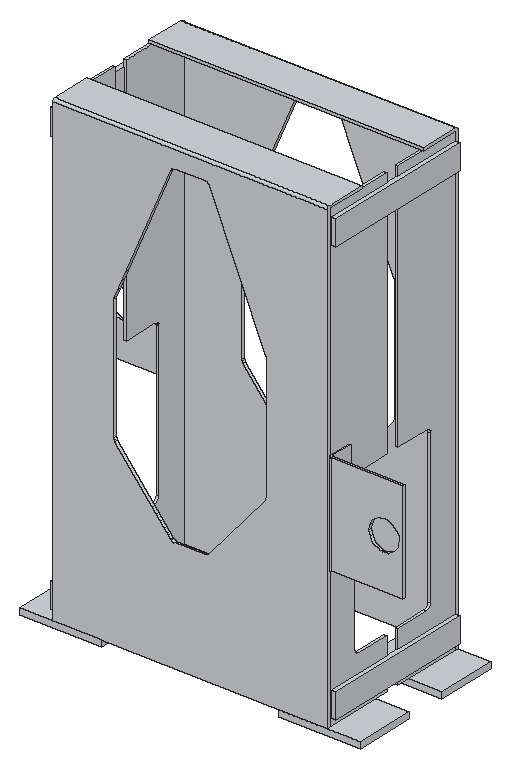
Revit family "Rebase 20.006", category Mechanical Equipment, Revit 2014
Parameters
  Väggskivetjocklek [instance] = 26 mm
  Vikt = 0 mm
  Sidodragning [instance] = no
  Model = "20.006"
  Minsta fria innermått [instance] = if(not(Sidodragning), 160 mm, 200 mm)  # 160 mm
  Manufacturer = "Rebase AB"
  Description = "Universalfixtur för vägghängd WC & bidé, dubbelutförande"
Reference planes
  plane 1 "Center (Front/Back)": y = 0
  plane 2: z = 0
  plane 3 "Center (Left/Right)": x = 0
  plane 4: y = 26
Dimensions and locks
  "Minsta fria innermått": nested 2 to nested 1
  "Väggskivetjocklek": plane 4 to plane 1 "Center (Front/Back)"
  aligned and locked: level to plane 2
  aligned and locked: plane 4 to nested 2
Nested families
  nested 1: "20_006" at (0, 186, 0) x (-1, 0, 0) z (0, 0, 1), type "20_006"
  nested 2: "20_006_b" at (0, 26, 0), type "20_006_b"
Definition of nested family "20_006"
  Reference planes
    plane 1 "Center (Front/Back)": y = 0
    plane 2: z = 0
    plane 3 "Center (Left/Right)": x = 0
  Forms (mm)
    Extrusion 1, solid
      sketch origin (0, 0, 0) x (1, 0, 0) y (0, 1, 0)
        loop
          line (-167.5, 0) -> (-87.5, 0) -> (-87.5, 60) -> (-167.5, 60) -> (-167.5, 0)
      from 0 to 6
    Extrusion 2, solid
      sketch origin (0, 0, 0) x (-1, 0, 0) y (0, -1, 0)
        loop
          line (-167.5, 0) -> (-167.5, -60) -> (-87.5, -60) -> (-87.5, 0) -> (-167.5, 0)
      from 0 to 6
    Extrusion 3, solid
      sketch origin (0, 0, 0) x (0, 1, 0) y (0, 0, 1)
        loop
          line (2.5, 463.5) -> (2.5, 6) -> (73, 6) -> (73, 56) -> (38, 56)
          arc (38, 56) -> (34.464, 57.464) -> (33, 61) r 5
          line (33, 61) -> (33, 211)
          arc (33, 211) -> (34.464, 214.536) -> (38, 216) r 5
          line (38, 216) -> (73, 216) -> (73, 463.5) -> (2.5, 463.5)
      from -135 to -132.5
    Extrusion 4, solid
      sketch origin (0, 0, 0) x (0, 1, 0) y (0, 0, -1)
        loop
          line (2.5, -463.5) -> (73, -463.5) -> (73, -216) -> (38, -216)
          arc (38, -216) -> (34.464, -214.536) -> (33, -211) r 5
          line (33, -211) -> (33, -61)
          arc (33, -61) -> (34.464, -57.464) -> (38, -56) r 5
          line (38, -56) -> (73, -56) -> (73, -6) -> (2.5, -6) -> (2.5, -463.5)
      from -135 to -132.5
    Extrusion 5, solid
      sketch origin (0, 0, 0) x (0, 1, 0) y (0, 0, 1)
        loop
          line (42, 466) -> (2.5, 466)
          arc (2.5, 466) -> (0.732, 465.268) -> (0, 463.5) r 2.5
          line (0, 463.5) -> (0, 6) -> (2.5, 6) -> (2.5, 463.5) -> (42, 463.5) -> (42, 466)
      from -135 to 135
    Extrusion 6, solid
      sketch origin (0, 0, 0) x (1, 0, 0) y (0, 1, 0)
        loop
          line (135, 25) -> (135, 4)
          arc (135, 4) -> (136.172, 1.172) -> (139, 0) r 4
          line (139, 0) -> (209, 0) -> (209, 2.5) -> (139, 2.5)
          arc (139, 2.5) -> (137.939, 2.939) -> (137.5, 4) r 1.5
          line (137.5, 4) -> (137.5, 25) -> (135, 25)
      from 146 to 246
    Extrusion 7, void
      sketch origin (0, 0, 0) x (1, 0, 0) y (0, 0, 1)
        loop
          arc (-14.195, 447) -> (-16.952, 446.171) -> (-18.795, 443.959) r 5
          line (-18.795, 443.959) -> (-74.6, 312.939)
          arc (-74.6, 312.939) -> (-74.899, 311.979) -> (-75, 310.98) r 5
          line (-75, 310.98) -> (-75, 188.79)
          arc (-75, 188.79) -> (-74.707, 187.105) -> (-73.864, 185.617) r 5
          line (-73.864, 185.617) -> (-19, 118.826)
          arc (-19, 118.826) -> (-17.273, 117.48) -> (-15.137, 117) r 5
          line (-15.137, 117) -> (15.137, 117)
          arc (15.137, 117) -> (17.273, 117.48) -> (19, 118.826) r 5
          line (19, 118.826) -> (73.864, 185.617)
          arc (73.864, 185.617) -> (74.707, 187.105) -> (75, 188.79) r 5
          line (75, 188.79) -> (75, 310.98)
          arc (75, 310.98) -> (74.899, 311.979) -> (74.6, 312.939) r 5
          line (74.6, 312.939) -> (18.795, 443.959)
          arc (18.795, 443.959) -> (16.952, 446.171) -> (14.195, 447) r 5
          line (14.195, 447) -> (-14.195, 447)
      from 0 to -2.5
    Extrusion 8, void
      sketch origin (0, 0, 0) x (1, 0, 0) y (0, 0, 1)
        loop
          circle (191, 196) r 15
      from 0 to -2.5
  Cuts and joins
    Extrusion 7 cuts Extrusion 5
    Extrusion 8 cuts Extrusion 6
  Dimensions and locks
    aligned and locked: level to plane 2
Definition of nested family "20_006_b"
  Reference planes
    plane 1 "Center (Front/Back)": y = 0
    plane 2: z = 0
    plane 3 "Center (Left/Right)": x = 0
  Forms (mm)
    Extrusion 1, solid
      sketch origin (0, 0, 0) x (1, 0, 0) y (0, 1, 0)
        loop
          line (-167.5, 0) -> (-87.5, 0) -> (-87.5, 60) -> (-167.5, 60) -> (-167.5, 0)
      from 0 to 6
    Extrusion 2, solid
      sketch origin (0, 0, 0) x (-1, 0, 0) y (0, -1, 0)
        loop
          line (-167.5, 0) -> (-167.5, -60) -> (-87.5, -60) -> (-87.5, 0) -> (-167.5, 0)
      from 0 to 6
    Extrusion 3, solid
      sketch origin (0, 0, 0) x (0, 1, 0) y (0, 0, 1)
        loop
          line (2.5, 463.5) -> (2.5, 6) -> (73, 6) -> (73, 56) -> (38, 56)
          arc (38, 56) -> (34.464, 57.464) -> (33, 61) r 5
          line (33, 61) -> (33, 211)
          arc (33, 211) -> (34.464, 214.536) -> (38, 216) r 5
          line (38, 216) -> (73, 216) -> (73, 463.5) -> (2.5, 463.5)
      from -135 to -132.5
    Extrusion 4, solid
      sketch origin (0, 0, 0) x (0, 1, 0) y (0, 0, -1)
        loop
          line (2.5, -463.5) -> (73, -463.5) -> (73, -216) -> (38, -216)
          arc (38, -216) -> (34.464, -214.536) -> (33, -211) r 5
          line (33, -211) -> (33, -61)
          arc (33, -61) -> (34.464, -57.464) -> (38, -56) r 5
          line (38, -56) -> (73, -56) -> (73, -6) -> (2.5, -6) -> (2.5, -463.5)
      from -135 to -132.5
    Extrusion 5, solid
      sketch origin (0, 0, 0) x (0, 1, 0) y (0, 0, 1)
        loop
          line (42, 466) -> (2.5, 466)
          arc (2.5, 466) -> (0.732, 465.268) -> (0, 463.5) r 2.5
          line (0, 463.5) -> (0, 6) -> (2.5, 6) -> (2.5, 463.5) -> (42, 463.5) -> (42, 466)
      from -135 to 135
    Extrusion 6, solid
      sketch origin (0, 0, 0) x (1, 0, 0) y (0, 1, 0)
        loop
          line (135, 25) -> (135, 4)
          arc (135, 4) -> (136.172, 1.172) -> (139, 0) r 4
          line (139, 0) -> (209, 0) -> (209, 2.5) -> (139, 2.5)
          arc (139, 2.5) -> (137.939, 2.939) -> (137.5, 4) r 1.5
          line (137.5, 4) -> (137.5, 25) -> (135, 25)
      from 146 to 246
    Extrusion 7, void
      sketch origin (0, 0, 0) x (1, 0, 0) y (0, 0, 1)
        loop
          arc (-14.195, 447) -> (-16.952, 446.171) -> (-18.795, 443.959) r 5
          line (-18.795, 443.959) -> (-74.6, 312.939)
          arc (-74.6, 312.939) -> (-74.899, 311.979) -> (-75, 310.98) r 5
          line (-75, 310.98) -> (-75, 188.79)
          arc (-75, 188.79) -> (-74.707, 187.105) -> (-73.864, 185.617) r 5
          line (-73.864, 185.617) -> (-19, 118.826)
          arc (-19, 118.826) -> (-17.273, 117.48) -> (-15.137, 117) r 5
          line (-15.137, 117) -> (15.137, 117)
          arc (15.137, 117) -> (17.273, 117.48) -> (19, 118.826) r 5
          line (19, 118.826) -> (73.864, 185.617)
          arc (73.864, 185.617) -> (74.707, 187.105) -> (75, 188.79) r 5
          line (75, 188.79) -> (75, 310.98)
          arc (75, 310.98) -> (74.899, 311.979) -> (74.6, 312.939) r 5
          line (74.6, 312.939) -> (18.795, 443.959)
          arc (18.795, 443.959) -> (16.952, 446.171) -> (14.195, 447) r 5
          line (14.195, 447) -> (-14.195, 447)
      from 0 to -2.5
    Extrusion 8, void
      sketch origin (0, 0, 0) x (1, 0, 0) y (0, 0, 1)
        loop
          circle (191, 196) r 15
      from 0 to -2.5
    Extrusion 9, solid
      sketch origin (0, -26, 0) x (1, 0, 0) y (0, 0, 1)
        loop
          line (-140, 13.5) -> (-135, 13.5) -> (-135, 38.5) -> (-140, 38.5) -> (-140, 13.5)
      from -29.5 to -182.5
    Extrusion 10, solid
      sketch origin (0, -26, 417) x (1, 0, 0) y (0, 0, 1)
        loop
          line (-140, 13.5) -> (-135, 13.5) -> (-135, 38.5) -> (-140, 38.5) -> (-140, 13.5)
      from -29.5 to -182.5
    Extrusion 11, solid
      sketch origin (0, -26, 0) x (-1, 0, 0) y (0, 0, -1)
        loop
          line (-140, -13.5) -> (-140, -38.5) -> (-135, -38.5) -> (-135, -13.5) -> (-140, -13.5)
      from -29.5 to -182.5
    Extrusion 12, solid
      sketch origin (0, -26, 417) x (-1, 0, 0) y (0, 0, -1)
        loop
          line (-140, -13.5) -> (-140, -38.5) -> (-135, -38.5) -> (-135, -13.5) -> (-140, -13.5)
      from -29.5 to -182.5
  Cuts and joins
    Extrusion 7 cuts Extrusion 5
    Extrusion 8 cuts Extrusion 6
  Dimensions and locks
    aligned and locked: level to plane 2
